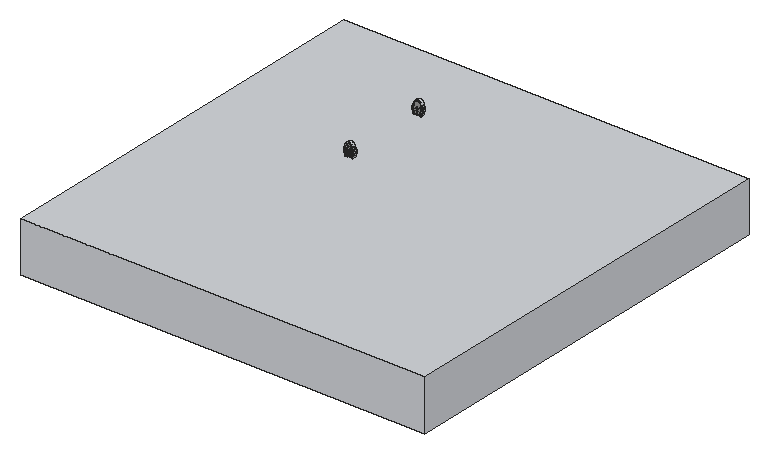
Revit family "Trade II Easy Lock", category Обобщенные модели, Revit 2017
Family settings
  Основа = Грань
  Может служить основой для арматурных стержней = Нет
  Размер круглого соединителя = Использовать диаметр
  Тип детали = Нормальный
  При загрузке вырезать с полостями = Нет
  Общий = Нет
  Точка расчета площади = Нет
Parameters
  Расстояние от светильника до плоскости = Расстояние до плоскости + 72 mm  # 422 mm
  Расстояние до плоскости = 350 mm
  Default Elevation = 1219.2 mm
  Начало профиля = 250 mm
  Начало выделения = Начало профиля  # 250 mm
  Конец профиля = Начало профиля  # 250 mm
  Конец выделения = Конец профиля  # 250 mm
  Длина профиля = Начало профиля * 2  # 500 mm
Reference planes
  plane 1 "По центру (Вперед/Назад)": y = 0
  plane 2: z = 0
  plane 3 "По центру (Влево/Вправо)": x = 0
  plane 4 "Плоскость низа светильника": z = 350
  plane 5 "Начало выд": y = -250
  plane 6 "Конец выд": y = 250
Forms (mm)
  Extrusion 1, solid
    sketch origin (0, 0, 0) x (1, 0, 0) y (0, 1, 0)
      loop
        line (-1219.2, 1219.2) -> (-1219.2, -1219.2) -> (1219.2, -1219.2) -> (1219.2, 1219.2) -> (-1219.2, 1219.2)
    from 0 to -304.8
  Extrusion 2, solid, material "Каучук, черный"
    sketch origin (0, 250, 0) x (0, 0, -1) y (1, 0, 0)
      loop
        line (-372.479, 21.269) -> (-377.454, 21.269)
        arc (-377.454, 21.269) -> (-378.602, 21.041) -> (-379.576, 20.39) r 3
        line (-379.576, 20.39) -> (-385.35, 14.616)
        arc (-385.35, 14.616) -> (-386.001, 13.642) -> (-386.229, 12.494) r 3
        line (-386.229, 12.494) -> (-386.229, 6.574)
        arc (-386.229, 6.574) -> (-385.204, 4.099) -> (-382.729, 3.074) r 3.5
        line (-382.729, 3.074) -> (-372.479, 3.074) -> (-362.229, 3.074)
        arc (-362.229, 3.074) -> (-359.754, 4.099) -> (-358.729, 6.574) r 3.5
        line (-358.729, 6.574) -> (-358.729, 12.494)
        arc (-358.729, 12.494) -> (-358.957, 13.642) -> (-359.608, 14.616) r 3
        line (-359.608, 14.616) -> (-365.382, 20.39)
        arc (-365.382, 20.39) -> (-366.356, 21.041) -> (-367.504, 21.269) r 3
        line (-367.504, 21.269) -> (-372.479, 21.269)
      loop
        line (-380.435, 13.071) -> (-380.435, 6.514) -> (-377.559, 6.514) -> (-377.559, 13.071) -> (-380.435, 13.071)
      loop
        line (-364.523, 13.071) -> (-367.399, 13.071) -> (-367.399, 6.514) -> (-364.523, 6.514) -> (-364.523, 13.071)
      loop
        line (-371.041, 18.399) -> (-373.917, 18.399) -> (-373.917, 11.843) -> (-371.041, 11.843) -> (-371.041, 18.399)
      loop
        line (-372.479, -21.292) -> (-367.504, -21.292)
        arc (-367.504, -21.292) -> (-366.356, -21.064) -> (-365.382, -20.414) r 3
        line (-365.382, -20.414) -> (-359.608, -14.639)
        arc (-359.608, -14.639) -> (-358.957, -13.666) -> (-358.729, -12.518) r 3
        line (-358.729, -12.518) -> (-358.729, -6.597)
        arc (-358.729, -6.597) -> (-359.754, -4.123) -> (-362.229, -3.097) r 3.5
        line (-362.229, -3.097) -> (-372.479, -3.097) -> (-382.729, -3.097)
        arc (-382.729, -3.097) -> (-385.204, -4.123) -> (-386.229, -6.597) r 3.5
        line (-386.229, -6.597) -> (-386.229, -12.518)
        arc (-386.229, -12.518) -> (-386.001, -13.666) -> (-385.35, -14.639) r 3
        line (-385.35, -14.639) -> (-379.576, -20.414)
        arc (-379.576, -20.414) -> (-378.602, -21.064) -> (-377.454, -21.292) r 3
        line (-377.454, -21.292) -> (-372.479, -21.292)
      loop
        line (-380.435, -13.094) -> (-377.559, -13.094) -> (-377.559, -6.537) -> (-380.435, -6.537) -> (-380.435, -13.094)
      loop
        line (-364.523, -13.094) -> (-364.523, -6.537) -> (-367.399, -6.537) -> (-367.399, -13.094) -> (-364.523, -13.094)
      loop
        line (-371.041, -18.423) -> (-371.041, -11.866) -> (-373.917, -11.866) -> (-373.917, -18.423) -> (-371.041, -18.423)
    from -1 to -15
  Extrusion 3, solid, material "Поликарбонат, прозрачный"
    sketch origin (0, 250, 0) x (0, 0, -1) y (1, 0, 0)
      loop
        arc (-398.752, 21.086) -> (-413.465, 14.795) -> (-419.533, -0.012) r 21.1
        arc (-419.533, -0.012) -> (-413.465, -14.818) -> (-398.752, -21.109) r 21.1
        arc (-398.752, -21.109) -> (-395.801, -23.179) -> (-392.204, -23.41) r 6.666
        arc (-392.204, -23.41) -> (-387.349, -22.848) -> (-383.631, -26.02) r 6.12
        line (-383.631, -26.02) -> (-382.1, -29.159)
        arc (-382.1, -29.159) -> (-381.536, -29.747) -> (-380.75, -29.964) r 1.536
        line (-380.75, -29.964) -> (-372.479, -29.964) -> (-364.208, -29.964)
        arc (-364.208, -29.964) -> (-363.423, -29.748) -> (-362.859, -29.161) r 1.536
        line (-362.859, -29.161) -> (-361.333, -26.017)
        arc (-361.333, -26.017) -> (-357.413, -22.783) -> (-352.402, -23.624) r 6.12
        arc (-352.402, -23.624) -> (-349.184, -24.431) -> (-346.185, -23.012) r 4.919
        arc (-346.185, -23.012) -> (-345.496, -23.055) -> (-344.832, -22.871) r 2.071
        arc (-344.832, -22.871) -> (-344.246, -22.355) -> (-344.028, -21.606) r 1.397
        line (-344.028, -21.606) -> (-344.028, -5.649) -> (-350, -5.649) -> (-350, -0.012) -> (-350, 5.625) -> (-344.028, 5.625) -> (-344.028, 21.583)
        arc (-344.028, 21.583) -> (-344.246, 22.332) -> (-344.832, 22.848) r 1.397
        arc (-344.832, 22.848) -> (-345.496, 23.032) -> (-346.185, 22.988) r 2.071
        arc (-346.185, 22.988) -> (-349.184, 24.408) -> (-352.402, 23.601) r 4.919
        arc (-352.402, 23.601) -> (-357.413, 22.759) -> (-361.333, 25.993) r 6.12
        line (-361.333, 25.993) -> (-362.859, 29.137)
        arc (-362.859, 29.137) -> (-363.423, 29.725) -> (-364.208, 29.94) r 1.536
        line (-364.208, 29.94) -> (-372.479, 29.94) -> (-380.75, 29.94)
        arc (-380.75, 29.94) -> (-381.536, 29.724) -> (-382.1, 29.136) r 1.536
        line (-382.1, 29.136) -> (-383.631, 25.997)
        arc (-383.631, 25.997) -> (-387.349, 22.825) -> (-392.204, 23.386) r 6.12
        arc (-392.204, 23.386) -> (-395.801, 23.156) -> (-398.752, 21.086) r 6.666
    from 0 to -1
  Extrusion 4, solid, material "Поликарбонат, прозрачный"
    sketch origin (0, -250, 0) x (0, 0, -1) y (1, 0, 0)
      loop
        line (-344.028, 5.632) -> (-344.028, 21.59)
        arc (-344.028, 21.59) -> (-344.246, 22.339) -> (-344.832, 22.854) r 1.397
        arc (-344.832, 22.854) -> (-345.496, 23.039) -> (-346.185, 22.995) r 2.071
        arc (-346.185, 22.995) -> (-349.184, 24.415) -> (-352.402, 23.607) r 4.919
        arc (-352.402, 23.607) -> (-357.413, 22.766) -> (-361.333, 26) r 6.12
        line (-361.333, 26) -> (-362.859, 29.144)
        arc (-362.859, 29.144) -> (-363.423, 29.731) -> (-364.208, 29.947) r 1.536
        line (-364.208, 29.947) -> (-372.479, 29.947) -> (-380.75, 29.947)
        arc (-380.75, 29.947) -> (-381.536, 29.731) -> (-382.1, 29.143) r 1.536
        line (-382.1, 29.143) -> (-383.631, 26.003)
        arc (-383.631, 26.003) -> (-387.349, 22.832) -> (-392.204, 23.393) r 6.12
        arc (-392.204, 23.393) -> (-395.801, 23.163) -> (-398.752, 21.093) r 6.666
        arc (-398.752, 21.093) -> (-413.465, 14.802) -> (-419.533, -0.005) r 21.1
        arc (-419.533, -0.005) -> (-413.465, -14.811) -> (-398.752, -21.102) r 21.1
        arc (-398.752, -21.102) -> (-395.801, -23.172) -> (-392.204, -23.403) r 6.666
        arc (-392.204, -23.403) -> (-387.349, -22.841) -> (-383.631, -26.013) r 6.12
        line (-383.631, -26.013) -> (-382.1, -29.153)
        arc (-382.1, -29.153) -> (-381.536, -29.741) -> (-380.75, -29.957) r 1.536
        line (-380.75, -29.957) -> (-372.479, -29.957) -> (-364.208, -29.957)
        arc (-364.208, -29.957) -> (-363.423, -29.741) -> (-362.859, -29.154) r 1.536
        line (-362.859, -29.154) -> (-361.333, -26.01)
        arc (-361.333, -26.01) -> (-357.413, -22.776) -> (-352.402, -23.617) r 6.12
        arc (-352.402, -23.617) -> (-349.184, -24.424) -> (-346.185, -23.005) r 4.919
        arc (-346.185, -23.005) -> (-345.496, -23.049) -> (-344.832, -22.864) r 2.071
        arc (-344.832, -22.864) -> (-344.246, -22.348) -> (-344.028, -21.599) r 1.397
        line (-344.028, -21.599) -> (-344.028, -5.642) -> (-348, -5.642) -> (-350, -5.649) -> (-350, 5.625) -> (-348, 5.625) -> (-344.028, 5.632)
    from 0 to 1
  Extrusion 5, solid, material "Каучук, черный"
    sketch origin (0, -250, 0) x (0, 0, -1) y (1, 0, 0)
      loop
        line (-372.479, -21.292) -> (-367.504, -21.292)
        arc (-367.504, -21.292) -> (-366.356, -21.064) -> (-365.382, -20.414) r 3
        line (-365.382, -20.414) -> (-359.608, -14.639)
        arc (-359.608, -14.639) -> (-358.957, -13.666) -> (-358.729, -12.518) r 3
        line (-358.729, -12.518) -> (-358.729, -6.597)
        arc (-358.729, -6.597) -> (-359.754, -4.123) -> (-362.229, -3.097) r 3.5
        line (-362.229, -3.097) -> (-372.479, -3.097) -> (-382.729, -3.097)
        arc (-382.729, -3.097) -> (-385.204, -4.123) -> (-386.229, -6.597) r 3.5
        line (-386.229, -6.597) -> (-386.229, -12.518)
        arc (-386.229, -12.518) -> (-386.001, -13.666) -> (-385.35, -14.639) r 3
        line (-385.35, -14.639) -> (-379.576, -20.414)
        arc (-379.576, -20.414) -> (-378.602, -21.064) -> (-377.454, -21.292) r 3
        line (-377.454, -21.292) -> (-372.479, -21.292)
      loop
        arc (-384.029, -12.426) -> (-383.951, -12.817) -> (-383.73, -13.148) r 1.021
        line (-383.73, -13.148) -> (-378.126, -18.752)
        arc (-378.126, -18.752) -> (-377.749, -19.004) -> (-377.304, -19.092) r 1.162
        line (-377.304, -19.092) -> (-372.479, -19.092) -> (-367.654, -19.092)
        arc (-367.654, -19.092) -> (-367.209, -19.004) -> (-366.832, -18.752) r 1.162
        line (-366.832, -18.752) -> (-361.228, -13.148)
        arc (-361.228, -13.148) -> (-361.007, -12.817) -> (-360.929, -12.426) r 1.021
        line (-360.929, -12.426) -> (-360.929, -6.597)
        arc (-360.929, -6.597) -> (-361.31, -5.678) -> (-362.229, -5.297) r 1.3
        line (-362.229, -5.297) -> (-372.479, -5.297) -> (-382.729, -5.297)
        arc (-382.729, -5.297) -> (-383.648, -5.678) -> (-384.029, -6.597) r 1.3
        line (-384.029, -6.597) -> (-384.029, -12.426)
      loop
        line (-372.479, 21.269) -> (-377.454, 21.269)
        arc (-377.454, 21.269) -> (-378.602, 21.041) -> (-379.576, 20.39) r 3
        line (-379.576, 20.39) -> (-385.35, 14.616)
        arc (-385.35, 14.616) -> (-386.001, 13.642) -> (-386.229, 12.494) r 3
        line (-386.229, 12.494) -> (-386.229, 6.574)
        arc (-386.229, 6.574) -> (-385.204, 4.099) -> (-382.729, 3.074) r 3.5
        line (-382.729, 3.074) -> (-372.479, 3.074) -> (-362.229, 3.074)
        arc (-362.229, 3.074) -> (-359.754, 4.099) -> (-358.729, 6.574) r 3.5
        line (-358.729, 6.574) -> (-358.729, 12.494)
        arc (-358.729, 12.494) -> (-358.957, 13.642) -> (-359.608, 14.616) r 3
        line (-359.608, 14.616) -> (-365.382, 20.39)
        arc (-365.382, 20.39) -> (-366.356, 21.041) -> (-367.504, 21.269) r 3
        line (-367.504, 21.269) -> (-372.479, 21.269)
      loop
        line (-384.029, 12.403) -> (-384.029, 6.574)
        arc (-384.029, 6.574) -> (-383.648, 5.655) -> (-382.729, 5.274) r 1.3
        line (-382.729, 5.274) -> (-372.479, 5.274) -> (-362.229, 5.274)
        arc (-362.229, 5.274) -> (-361.31, 5.655) -> (-360.929, 6.574) r 1.3
        line (-360.929, 6.574) -> (-360.929, 12.403)
        arc (-360.929, 12.403) -> (-361.007, 12.794) -> (-361.228, 13.125) r 1.021
        line (-361.228, 13.125) -> (-366.832, 18.729)
        arc (-366.832, 18.729) -> (-367.209, 18.981) -> (-367.654, 19.069) r 1.162
        line (-367.654, 19.069) -> (-372.479, 19.069) -> (-377.304, 19.069)
        arc (-377.304, 19.069) -> (-377.749, 18.981) -> (-378.126, 18.729) r 1.162
        line (-378.126, 18.729) -> (-383.73, 13.125)
        arc (-383.73, 13.125) -> (-383.951, 12.794) -> (-384.029, 12.403) r 1.021
    from 1 to 15
  Extrusion 6, solid, material "Алюминий"
    sketch origin (0, -250, 0) x (0, 0, -1) y (1, 0, 0)
      loop
        line (-371.841, -17.623) -> (-371.841, -12.666) -> (-373.117, -12.666) -> (-373.117, -17.623) -> (-371.841, -17.623)
      loop
        line (-366.599, -12.294) -> (-365.323, -12.294) -> (-365.323, -7.337) -> (-366.599, -7.337) -> (-366.599, -12.294)
      loop
        line (-378.359, -7.337) -> (-379.635, -7.337) -> (-379.635, -12.294) -> (-378.359, -12.294) -> (-378.359, -7.337)
      loop
        line (-371.841, 17.599) -> (-373.117, 17.599) -> (-373.117, 12.643) -> (-371.841, 12.643) -> (-371.841, 17.599)
      loop
        line (-366.599, 12.271) -> (-366.599, 7.314) -> (-365.323, 7.314) -> (-365.323, 12.271) -> (-366.599, 12.271)
      loop
        line (-378.359, 7.314) -> (-378.359, 12.271) -> (-379.635, 12.271) -> (-379.635, 7.314) -> (-378.359, 7.314)
    from 1 to 15
  Extrusion 7, solid
    sketch origin (0, -250, 0) x (0, 0, -1) y (1, 0, 0)
      loop
        arc (-419.533, -0.005) -> (-413.465, -14.811) -> (-398.752, -21.102) r 21.1
        arc (-398.752, -21.102) -> (-395.801, -23.172) -> (-392.204, -23.403) r 6.666
        arc (-392.204, -23.403) -> (-387.349, -22.841) -> (-383.631, -26.013) r 6.12
        line (-383.631, -26.013) -> (-382.1, -29.153)
        arc (-382.1, -29.153) -> (-381.536, -29.741) -> (-380.75, -29.957) r 1.536
        line (-380.75, -29.957) -> (-372.479, -29.957) -> (-364.208, -29.957)
        arc (-364.208, -29.957) -> (-363.423, -29.741) -> (-362.859, -29.154) r 1.536
        line (-362.859, -29.154) -> (-361.333, -26.01)
        arc (-361.333, -26.01) -> (-357.413, -22.776) -> (-352.402, -23.617) r 6.12
        arc (-352.402, -23.617) -> (-349.184, -24.424) -> (-346.185, -23.005) r 4.919
        arc (-346.185, -23.005) -> (-345.496, -23.049) -> (-344.832, -22.864) r 2.071
        arc (-344.832, -22.864) -> (-344.246, -22.348) -> (-344.028, -21.599) r 1.397
        line (-344.028, -21.599) -> (-344.028, -5.642) -> (-348, -5.642) -> (-350, -5.649) -> (-350, -0.012) -> (-350, 5.639) -> (-348, 5.639) -> (-344.028, 5.632) -> (-344.028, 21.59)
        arc (-344.028, 21.59) -> (-344.246, 22.339) -> (-344.832, 22.854) r 1.397
        arc (-344.832, 22.854) -> (-345.496, 23.039) -> (-346.185, 22.995) r 2.071
        arc (-346.185, 22.995) -> (-349.184, 24.415) -> (-352.402, 23.607) r 4.919
        arc (-352.402, 23.607) -> (-357.413, 22.766) -> (-361.333, 26) r 6.12
        line (-361.333, 26) -> (-362.859, 29.144)
        arc (-362.859, 29.144) -> (-363.423, 29.731) -> (-364.208, 29.947) r 1.536
        line (-364.208, 29.947) -> (-372.479, 29.947) -> (-380.75, 29.947)
        arc (-380.75, 29.947) -> (-381.536, 29.731) -> (-382.1, 29.143) r 1.536
        line (-382.1, 29.143) -> (-383.631, 26.003)
        arc (-383.631, 26.003) -> (-387.349, 22.832) -> (-392.204, 23.393) r 6.12
        arc (-392.204, 23.393) -> (-395.801, 23.163) -> (-398.752, 21.093) r 6.666
        arc (-398.752, 21.093) -> (-413.465, 14.802) -> (-419.533, -0.005) r 21.1
      loop
        arc (-421.533, -0.005) -> (-415.194, -15.9) -> (-399.657, -23.072) r 23.1
        arc (-399.657, -23.072) -> (-395.831, -25.254) -> (-391.427, -25.274) r 8.666
        arc (-391.427, -25.274) -> (-388.06, -24.718) -> (-385.429, -26.89) r 4.12
        line (-385.429, -26.89) -> (-383.883, -30.06)
        arc (-383.883, -30.06) -> (-382.581, -31.446) -> (-380.75, -31.957) r 3.536
        line (-380.75, -31.957) -> (-372.479, -31.957) -> (-364.208, -31.957)
        arc (-364.208, -31.957) -> (-362.377, -31.446) -> (-361.075, -30.06) r 3.536
        line (-361.075, -30.06) -> (-359.534, -26.884)
        arc (-359.534, -26.884) -> (-356.893, -24.707) -> (-353.519, -25.276) r 4.12
        arc (-353.519, -25.276) -> (-349.474, -26.446) -> (-345.501, -25.054) r 6.919
        arc (-345.501, -25.054) -> (-344.724, -24.938) -> (-343.983, -24.675) r 4.071
        arc (-343.983, -24.675) -> (-342.558, -23.421) -> (-342.028, -21.599) r 3.397
        line (-342.028, -21.599) -> (-342.028, -3.642) -> (-348, -3.642) -> (-348, -0.012) -> (-348, 3.632) -> (-342.028, 3.632) -> (-342.028, 21.59)
        arc (-342.028, 21.59) -> (-342.558, 23.412) -> (-343.983, 24.665) r 3.397
        arc (-343.983, 24.665) -> (-344.724, 24.929) -> (-345.501, 25.045) r 4.071
        arc (-345.501, 25.045) -> (-349.474, 26.436) -> (-353.519, 25.267) r 6.919
        arc (-353.519, 25.267) -> (-356.893, 24.698) -> (-359.534, 26.875) r 4.12
        line (-359.534, 26.875) -> (-361.075, 30.05)
        arc (-361.075, 30.05) -> (-362.377, 31.436) -> (-364.208, 31.947) r 3.536
        line (-364.208, 31.947) -> (-372.479, 31.947) -> (-380.75, 31.947)
        arc (-380.75, 31.947) -> (-382.581, 31.436) -> (-383.883, 30.05) r 3.536
        line (-383.883, 30.05) -> (-385.429, 26.88)
        arc (-385.429, 26.88) -> (-388.06, 24.708) -> (-391.427, 25.265) r 4.12
        arc (-391.427, 25.265) -> (-395.831, 25.245) -> (-399.657, 23.063) r 8.666
        arc (-399.657, 23.063) -> (-415.194, 15.891) -> (-421.533, -0.005) r 23.1
    from 0 to 18
  Extrusion 8, solid
    sketch origin (0, 250, 0) x (0, 0, -1) y (1, 0, 0)
      loop
        arc (-419.526, -0.004) -> (-413.459, -14.811) -> (-398.746, -21.101) r 21.1
        arc (-398.746, -21.101) -> (-395.795, -23.171) -> (-392.197, -23.402) r 6.666
        arc (-392.197, -23.402) -> (-387.343, -22.84) -> (-383.625, -26.012) r 6.12
        line (-383.625, -26.012) -> (-382.093, -29.152)
        arc (-382.093, -29.152) -> (-381.529, -29.74) -> (-380.743, -29.956) r 1.536
        line (-380.743, -29.956) -> (-372.472, -29.956) -> (-364.202, -29.956)
        arc (-364.202, -29.956) -> (-363.416, -29.74) -> (-362.852, -29.153) r 1.536
        line (-362.852, -29.153) -> (-361.326, -26.009)
        arc (-361.326, -26.009) -> (-357.406, -22.775) -> (-352.395, -23.616) r 6.12
        arc (-352.395, -23.616) -> (-349.177, -24.424) -> (-346.178, -23.004) r 4.919
        arc (-346.178, -23.004) -> (-345.49, -23.048) -> (-344.825, -22.863) r 2.071
        arc (-344.825, -22.863) -> (-344.239, -22.348) -> (-344.021, -21.598) r 1.397
        line (-344.021, -21.598) -> (-344.021, -5.641) -> (-347.993, -5.641) -> (-349.993, -5.648) -> (-349.993, -0.011) -> (-349.993, 5.64) -> (-347.993, 5.64) -> (-344.021, 5.633) -> (-344.021, 21.59)
        arc (-344.021, 21.59) -> (-344.239, 22.34) -> (-344.825, 22.855) r 1.397
        arc (-344.825, 22.855) -> (-345.49, 23.04) -> (-346.178, 22.996) r 2.071
        arc (-346.178, 22.996) -> (-349.177, 24.416) -> (-352.395, 23.608) r 4.919
        arc (-352.395, 23.608) -> (-357.406, 22.767) -> (-361.326, 26.001) r 6.12
        line (-361.326, 26.001) -> (-362.852, 29.145)
        arc (-362.852, 29.145) -> (-363.416, 29.732) -> (-364.202, 29.948) r 1.536
        line (-364.202, 29.948) -> (-372.472, 29.948) -> (-380.743, 29.948)
        arc (-380.743, 29.948) -> (-381.529, 29.732) -> (-382.093, 29.144) r 1.536
        line (-382.093, 29.144) -> (-383.625, 26.004)
        arc (-383.625, 26.004) -> (-387.343, 22.833) -> (-392.197, 23.394) r 6.12
        arc (-392.197, 23.394) -> (-395.795, 23.163) -> (-398.746, 21.094) r 6.666
        arc (-398.746, 21.094) -> (-413.459, 14.803) -> (-419.526, -0.004) r 21.1
      loop
        arc (-421.526, -0.004) -> (-415.188, -15.899) -> (-399.65, -23.071) r 23.1
        arc (-399.65, -23.071) -> (-395.824, -25.254) -> (-391.42, -25.273) r 8.666
        arc (-391.42, -25.273) -> (-388.054, -24.717) -> (-385.422, -26.889) r 4.12
        line (-385.422, -26.889) -> (-383.876, -30.059)
        arc (-383.876, -30.059) -> (-382.575, -31.445) -> (-380.743, -31.956) r 3.536
        line (-380.743, -31.956) -> (-372.472, -31.956) -> (-364.202, -31.956)
        arc (-364.202, -31.956) -> (-362.37, -31.445) -> (-361.068, -30.059) r 3.536
        line (-361.068, -30.059) -> (-359.527, -26.883)
        arc (-359.527, -26.883) -> (-356.887, -24.706) -> (-353.512, -25.275) r 4.12
        arc (-353.512, -25.275) -> (-349.468, -26.445) -> (-345.494, -25.053) r 6.919
        arc (-345.494, -25.053) -> (-344.717, -24.937) -> (-343.976, -24.674) r 4.071
        arc (-343.976, -24.674) -> (-342.551, -23.421) -> (-342.021, -21.598) r 3.397
        line (-342.021, -21.598) -> (-342.021, -3.641) -> (-347.993, -3.641) -> (-347.993, -0.011) -> (-347.993, 3.633) -> (-342.021, 3.633) -> (-342.021, 21.59)
        arc (-342.021, 21.59) -> (-342.551, 23.413) -> (-343.976, 24.666) r 3.397
        arc (-343.976, 24.666) -> (-344.717, 24.93) -> (-345.494, 25.046) r 4.071
        arc (-345.494, 25.046) -> (-349.468, 26.437) -> (-353.512, 25.267) r 6.919
        arc (-353.512, 25.267) -> (-356.887, 24.698) -> (-359.527, 26.875) r 4.12
        line (-359.527, 26.875) -> (-361.068, 30.051)
        arc (-361.068, 30.051) -> (-362.37, 31.437) -> (-364.202, 31.948) r 3.536
        line (-364.202, 31.948) -> (-372.472, 31.948) -> (-380.743, 31.948)
        arc (-380.743, 31.948) -> (-382.575, 31.437) -> (-383.876, 30.051) r 3.536
        line (-383.876, 30.051) -> (-385.422, 26.881)
        arc (-385.422, 26.881) -> (-388.054, 24.709) -> (-391.42, 25.265) r 4.12
        arc (-391.42, 25.265) -> (-395.824, 25.246) -> (-399.65, 23.064) r 8.666
        arc (-399.65, 23.064) -> (-415.188, 15.892) -> (-421.526, -0.004) r 23.1
    from 0 to -18
Dimensions and locks
  "Расстояние до плоскости": plane 4 "Плоскость низа светильника" to Extrusion 1
  "Начало выделения": plane 5 "Начало выд" to plane 1 "По центру (Вперед/Назад)"
  "Конец выделения": plane 1 "По центру (Вперед/Назад)" to plane 6 "Конец выд"
  aligned and locked: plane 2 to Extrusion 1
  aligned and locked: level to Extrusion 1
Automatic sketch dimensions
  Extrusion 1 sketch curve to Extrusion 1 sketch curve = 2438.4 mm  (x2)
  Extrusion 3 sketch curve to Extrusion 3 sketch curve = 0 mm  (x2)
  Extrusion 3 sketch curve to plane 4 "Плоскость низа светильника" = 0 mm
  plane 4 "Плоскость низа светильника" to Extrusion 3 sketch curve = 5.829 mm  (x2)
  Extrusion 3 sketch curve to Extrusion 3 sketch curve = 5.503 mm  (x2)
  Extrusion 3 sketch curve to Extrusion 3 sketch curve = 1.526 mm  (x2)
  Extrusion 3 sketch curve to Extrusion 3 sketch curve = 1.35 mm  (x4)
  Extrusion 3 sketch curve to Extrusion 3 sketch curve = 8.271 mm  (x4)
  Extrusion 3 sketch curve to Extrusion 3 sketch curve = 1.531 mm  (x2)
  Extrusion 3 sketch curve to Extrusion 3 sketch curve = 5.501 mm  (x2)
  Extrusion 3 sketch curve to Extrusion 3 sketch curve = 4.46 mm  (x2)
  Extrusion 3 sketch curve to plane 3 "По центру (Влево/Вправо)" = 0.012 mm  (x2)
  Extrusion 3 sketch curve to Extrusion 3 sketch curve = 4.841 mm
  Extrusion 3 sketch curve to plane 4 "Плоскость низа светильника" = 0.334 mm  (x2)
  Extrusion 3 sketch curve to Extrusion 3 sketch curve = 3.955 mm  (x2)
  Extrusion 3 sketch curve to Extrusion 3 sketch curve = 0.286 mm  (x2)
  Extrusion 3 sketch curve to Extrusion 3 sketch curve = 1.397 mm
  Extrusion 3 sketch curve to plane 4 "Плоскость низа светильника" = 5.972 mm
  Extrusion 3 sketch curve to plane 3 "По центру (Влево/Вправо)" = 5.649 mm
  Extrusion 3 sketch curve to plane 3 "По центру (Влево/Вправо)" = 16.89 mm
  Extrusion 3 sketch curve to Extrusion 3 sketch curve = 13.888 mm  (x2)
  Extrusion 3 sketch curve to Extrusion 3 sketch curve = 1.459 mm  (x2)
  Extrusion 3 sketch curve to Extrusion 3 sketch curve = 0.611 mm  (x2)
  Extrusion 3 sketch curve to Extrusion 3 sketch curve = 6.48 mm  (x2)
  Extrusion 3 sketch curve to Extrusion 3 sketch curve = 9.13 mm  (x2)
  Extrusion 3 sketch curve to Extrusion 3 sketch curve = 2.408 mm  (x2)
  Extrusion 3 sketch curve to Extrusion 3 sketch curve = 2.412 mm  (x2)
  Extrusion 3 sketch curve to Extrusion 3 sketch curve = 2.678 mm  (x2)
  Extrusion 3 sketch curve to Extrusion 3 sketch curve = 2.683 mm  (x2)
  Extrusion 3 sketch curve to Extrusion 3 sketch curve = 0.731 mm  (x2)
  plane 3 "По центру (Влево/Вправо)" to Extrusion 3 sketch curve = 5.625 mm
  plane 3 "По центру (Влево/Вправо)" to Extrusion 3 sketch curve = 16.867 mm
  plane 4 "Плоскость низа светильника" to Extrusion 3 sketch curve = 2.402 mm  (x2)
  Extrusion 3 sketch curve to Extrusion 3 sketch curve = 3.072 mm  (x2)
  Extrusion 3 sketch curve to Extrusion 3 sketch curve = 5.16 mm
  Extrusion 3 sketch curve to Extrusion 3 sketch curve = 1.353 mm  (x2)
  plane 4 "Плоскость низа светильника" to Extrusion 2 sketch curve = 36.229 mm
  Extrusion 2 sketch curve to Extrusion 2 sketch curve = 0 mm  (x2)
  plane 3 "По центру (Влево/Вправо)" to Extrusion 2 sketch curve = 14.616 mm
  Extrusion 2 sketch curve to Extrusion 2 sketch curve = 0.879 mm  (x2)
  Extrusion 2 sketch curve to plane 3 "По центру (Влево/Вправо)" = 14.639 mm
  Extrusion 2 sketch curve to Extrusion 2 sketch curve = 3 mm
  Extrusion 2 sketch curve to Extrusion 2 sketch curve = 2.121 mm  (x9)
  Extrusion 2 sketch curve to Extrusion 2 sketch curve = 3.5 mm  (x4)
  Extrusion 2 sketch curve to Extrusion 2 sketch curve = 2.295 mm  (x4)
  Extrusion 2 sketch curve to Extrusion 2 sketch curve = 0.859 mm  (x2)
  Extrusion 2 sketch curve to Extrusion 2 sketch curve = 2.876 mm  (x6)
  Extrusion 2 sketch curve to Extrusion 2 sketch curve = 3.642 mm  (x2)
  Extrusion 2 sketch curve to Extrusion 2 sketch curve = 3.538 mm  (x3)
  Extrusion 2 sketch curve to Extrusion 2 sketch curve = 1.438 mm  (x2)
  plane 3 "По центру (Влево/Вправо)" to Extrusion 2 sketch curve = 3.074 mm
  Extrusion 2 sketch curve to Extrusion 2 sketch curve = 5.08 mm  (x3)
  Extrusion 2 sketch curve to plane 3 "По центру (Влево/Вправо)" = 3.097 mm
  Extrusion 2 sketch curve to Extrusion 2 sketch curve = 2.795 mm  (x2)
  Extrusion 2 sketch curve to Extrusion 2 sketch curve = 5.775 mm
  Extrusion 2 sketch curve to Extrusion 2 sketch curve = 0.13 mm  (x2)
  Extrusion 2 sketch curve to Extrusion 2 sketch curve = 8.042 mm
  Extrusion 2 sketch curve to Extrusion 2 sketch curve = 5.199 mm  (x4)
  Extrusion 2 sketch curve to Extrusion 2 sketch curve = 1.228 mm  (x2)
  Extrusion 2 sketch curve to Extrusion 2 sketch curve = 0.06 mm  (x4)
  Extrusion 2 sketch curve to Extrusion 2 sketch curve = 5.329 mm
  Extrusion 2 sketch curve to Extrusion 2 sketch curve = 5.92 mm
  Extrusion 2 sketch curve to Extrusion 2 sketch curve = 0.576 mm
  Extrusion 4 sketch curve to Extrusion 4 sketch curve = 0 mm  (x4)
  Extrusion 4 sketch curve to plane 4 "Плоскость низа светильника" = 0 mm
  plane 4 "Плоскость низа светильника" to Extrusion 4 sketch curve = 5.829 mm  (x2)
  Extrusion 4 sketch curve to Extrusion 4 sketch curve = 5.503 mm  (x2)
  Extrusion 4 sketch curve to Extrusion 4 sketch curve = 1.526 mm  (x2)
  Extrusion 4 sketch curve to Extrusion 4 sketch curve = 1.35 mm  (x4)
  Extrusion 4 sketch curve to Extrusion 4 sketch curve = 8.271 mm  (x4)
  Extrusion 4 sketch curve to Extrusion 4 sketch curve = 1.531 mm  (x2)
  Extrusion 4 sketch curve to Extrusion 4 sketch curve = 5.501 mm  (x2)
  Extrusion 4 sketch curve to Extrusion 4 sketch curve = 4.46 mm  (x2)
  Extrusion 4 sketch curve to plane 3 "По центру (Влево/Вправо)" = 0.005 mm
  Extrusion 4 sketch curve to Extrusion 4 sketch curve = 4.841 mm
  Extrusion 4 sketch curve to plane 4 "Плоскость низа светильника" = 0.334 mm  (x2)
  Extrusion 4 sketch curve to Extrusion 4 sketch curve = 3.955 mm  (x2)
  Extrusion 4 sketch curve to Extrusion 4 sketch curve = 0.286 mm  (x2)
  Extrusion 4 sketch curve to plane 4 "Плоскость низа светильника" = 5.972 mm  (x2)
  Extrusion 4 sketch curve to plane 3 "По центру (Влево/Вправо)" = 5.642 mm
  Extrusion 4 sketch curve to Extrusion 4 sketch curve = 0.007 mm  (x2)
  Extrusion 4 sketch curve to plane 3 "По центру (Влево/Вправо)" = 16.883 mm
  Extrusion 4 sketch curve to Extrusion 4 sketch curve = 13.881 mm
  Extrusion 4 sketch curve to Extrusion 4 sketch curve = 1.459 mm  (x2)
  Extrusion 4 sketch curve to Extrusion 4 sketch curve = 0.611 mm  (x2)
  Extrusion 4 sketch curve to Extrusion 4 sketch curve = 6.48 mm  (x2)
  Extrusion 4 sketch curve to Extrusion 4 sketch curve = 9.13 mm  (x2)
  Extrusion 4 sketch curve to Extrusion 4 sketch curve = 2.408 mm  (x2)
  Extrusion 4 sketch curve to Extrusion 4 sketch curve = 2.412 mm  (x2)
  Extrusion 4 sketch curve to Extrusion 4 sketch curve = 2.678 mm  (x2)
  Extrusion 4 sketch curve to Extrusion 4 sketch curve = 2.683 mm  (x2)
  Extrusion 4 sketch curve to Extrusion 4 sketch curve = 0.731 mm  (x2)
  plane 3 "По центру (Влево/Вправо)" to Extrusion 4 sketch curve = 5.625 mm
  plane 3 "По центру (Влево/Вправо)" to Extrusion 4 sketch curve = 16.874 mm
  Extrusion 4 sketch curve to Extrusion 4 sketch curve = 13.895 mm
  plane 4 "Плоскость низа светильника" to Extrusion 4 sketch curve = 2.402 mm  (x2)
  Extrusion 4 sketch curve to Extrusion 4 sketch curve = 3.072 mm  (x2)
  Extrusion 4 sketch curve to Extrusion 4 sketch curve = 5.16 mm
  Extrusion 4 sketch curve to plane 4 "Плоскость низа светильника" = 2 mm  (x2)
  Extrusion 4 sketch curve to Extrusion 4 sketch curve = 1.353 mm  (x2)
  Extrusion 6 sketch curve to plane 3 "По центру (Влево/Вправо)" = 12.294 mm
  plane 4 "Плоскость низа светильника" to Extrusion 6 sketch curve = 29.635 mm
  plane 3 "По центру (Влево/Вправо)" to Extrusion 6 sketch curve = 7.314 mm  (x2)
  Extrusion 6 sketch curve to Extrusion 6 sketch curve = 0 mm
  Extrusion 6 sketch curve to Extrusion 6 sketch curve = 1.276 mm  (x6)
  Extrusion 6 sketch curve to Extrusion 6 sketch curve = 5.242 mm  (x4)
  Extrusion 6 sketch curve to Extrusion 6 sketch curve = 0.372 mm  (x3)
  Extrusion 6 sketch curve to Extrusion 6 sketch curve = 4.957 mm  (x6)
  Extrusion 5 sketch curve to Extrusion 5 sketch curve = 0 mm  (x16)
  plane 3 "По центру (Влево/Вправо)" to Extrusion 5 sketch curve = 6.574 mm
  plane 4 "Плоскость низа светильника" to Extrusion 5 sketch curve = 36.229 mm
  Extrusion 5 sketch curve to plane 3 "По центру (Влево/Вправо)" = 14.639 mm
  Extrusion 5 sketch curve to Extrusion 5 sketch curve = 0.879 mm  (x2)
  plane 3 "По центру (Влево/Вправо)" to Extrusion 5 sketch curve = 14.616 mm
  Extrusion 5 sketch curve to Extrusion 5 sketch curve = 2.2 mm  (x2)
  plane 3 "По центру (Влево/Вправо)" to Extrusion 5 sketch curve = 13.125 mm
  Extrusion 5 sketch curve to Extrusion 5 sketch curve = 0.299 mm  (x3)
  Extrusion 5 sketch curve to plane 3 "По центру (Влево/Вправо)" = 13.148 mm
  Extrusion 5 sketch curve to Extrusion 5 sketch curve = 0.8 mm  (x2)
  Extrusion 5 sketch curve to Extrusion 5 sketch curve = 0.221 mm  (x4)
  Extrusion 5 sketch curve to Extrusion 5 sketch curve = 1.3 mm  (x3)
  Extrusion 5 sketch curve to Extrusion 5 sketch curve = 5.775 mm  (x2)
  Extrusion 5 sketch curve to Extrusion 5 sketch curve = 1.45 mm  (x4)
  Extrusion 5 sketch curve to Extrusion 5 sketch curve = 2.121 mm
  Extrusion 5 sketch curve to Extrusion 5 sketch curve = 0.672 mm  (x3)
  Extrusion 5 sketch curve to Extrusion 5 sketch curve = 0.15 mm  (x4)
  Extrusion 5 sketch curve to plane 3 "По центру (Влево/Вправо)" = 5.297 mm
  Extrusion 5 sketch curve to Extrusion 5 sketch curve = 10.25 mm  (x2)
  Extrusion 5 sketch curve to Extrusion 5 sketch curve = 4.825 mm  (x3)
  Extrusion 5 sketch curve to Extrusion 5 sketch curve = 4.975 mm
  Extrusion 5 sketch curve to Extrusion 5 sketch curve = 0.279 mm  (x2)
  Extrusion 5 sketch curve to Extrusion 5 sketch curve = 0.501 mm  (x2)
  Extrusion 5 sketch curve to Extrusion 5 sketch curve = 1.62 mm  (x2)
  Extrusion 5 sketch curve to Extrusion 5 sketch curve = 5.504 mm  (x3)
  Extrusion 5 sketch curve to Extrusion 5 sketch curve = 0.362 mm  (x4)
  Extrusion 5 sketch curve to Extrusion 5 sketch curve = 0.46 mm  (x2)
  Extrusion 5 sketch curve to Extrusion 5 sketch curve = 1.662 mm  (x2)
  Extrusion 5 sketch curve to Extrusion 5 sketch curve = 8.042 mm
  Extrusion 5 sketch curve to Extrusion 5 sketch curve = 0.63 mm
  Extrusion 5 sketch curve to Extrusion 5 sketch curve = 5.829 mm
  Extrusion 5 sketch curve to Extrusion 5 sketch curve = 0.091 mm
  Extrusion 7 sketch curve to Extrusion 7 sketch curve = 0 mm  (x48)
  Extrusion 7 sketch curve to plane 4 "Плоскость низа светильника" = 0 mm
  plane 4 "Плоскость низа светильника" to Extrusion 7 sketch curve = 5.829 mm  (x2)
  Extrusion 7 sketch curve to Extrusion 7 sketch curve = 3.705 mm  (x2)
  Extrusion 7 sketch curve to Extrusion 7 sketch curve = 1.541 mm  (x2)
  Extrusion 7 sketch curve to Extrusion 7 sketch curve = 1.799 mm  (x2)
  Extrusion 7 sketch curve to Extrusion 7 sketch curve = 1.783 mm  (x4)
  Extrusion 7 sketch curve to Extrusion 7 sketch curve = 1.35 mm  (x4)
  Extrusion 7 sketch curve to Extrusion 7 sketch curve = 8.271 mm  (x4)
  Extrusion 7 sketch curve to Extrusion 7 sketch curve = 1.531 mm  (x2)
  Extrusion 7 sketch curve to Extrusion 7 sketch curve = 1.798 mm  (x2)
  Extrusion 7 sketch curve to Extrusion 7 sketch curve = 3.703 mm  (x2)
  Extrusion 7 sketch curve to Extrusion 7 sketch curve = 4.46 mm  (x2)
  Extrusion 7 sketch curve to plane 3 "По центру (Влево/Вправо)" = 0.005 mm
  Extrusion 7 sketch curve to Extrusion 7 sketch curve = 4.841 mm
  Extrusion 7 sketch curve to plane 4 "Плоскость низа светильника" = 0.334 mm  (x2)
  Extrusion 7 sketch curve to plane 4 "Плоскость низа светильника" = 2 mm  (x2)
  Extrusion 7 sketch curve to Extrusion 7 sketch curve = 3.955 mm  (x2)
  Extrusion 7 sketch curve to Extrusion 7 sketch curve = 0.286 mm  (x2)
  Extrusion 7 sketch curve to Extrusion 7 sketch curve = 3.972 mm
  Extrusion 7 sketch curve to Extrusion 7 sketch curve = 1.397 mm
  Extrusion 7 sketch curve to Extrusion 7 sketch curve = 2 mm  (x5)
  Extrusion 7 sketch curve to plane 3 "По центру (Влево/Вправо)" = 0.012 mm  (x2)
  Extrusion 7 sketch curve to Extrusion 7 sketch curve = 3.63 mm
  Extrusion 7 sketch curve to Extrusion 7 sketch curve = 0.007 mm  (x2)
  Extrusion 7 sketch curve to plane 3 "По центру (Влево/Вправо)" = 16.883 mm
  Extrusion 7 sketch curve to Extrusion 7 sketch curve = 13.881 mm  (x2)
  Extrusion 7 sketch curve to Extrusion 7 sketch curve = 1.459 mm  (x2)
  Extrusion 7 sketch curve to Extrusion 7 sketch curve = 0.611 mm  (x2)
  Extrusion 7 sketch curve to Extrusion 7 sketch curve = 6.48 mm  (x2)
  Extrusion 7 sketch curve to Extrusion 7 sketch curve = 9.13 mm  (x2)
  Extrusion 7 sketch curve to Extrusion 7 sketch curve = 0.874 mm  (x2)
  Extrusion 7 sketch curve to Extrusion 7 sketch curve = 0.877 mm  (x2)
  Extrusion 7 sketch curve to Extrusion 7 sketch curve = 2.412 mm  (x2)
  Extrusion 7 sketch curve to Extrusion 7 sketch curve = 2.408 mm  (x2)
  Extrusion 7 sketch curve to Extrusion 7 sketch curve = 1.804 mm  (x2)
  Extrusion 7 sketch curve to Extrusion 7 sketch curve = 1.806 mm  (x2)
  Extrusion 7 sketch curve to Extrusion 7 sketch curve = 0.731 mm  (x2)
  Extrusion 7 sketch curve to Extrusion 7 sketch curve = 0.907 mm
  plane 3 "По центру (Влево/Вправо)" to Extrusion 7 sketch curve = 3.632 mm
  plane 3 "По центру (Влево/Вправо)" to Extrusion 7 sketch curve = 16.874 mm
  Extrusion 7 sketch curve to Extrusion 7 sketch curve = 0.906 mm
  plane 4 "Плоскость низа светильника" to Extrusion 7 sketch curve = 2.402 mm  (x2)
  Extrusion 7 sketch curve to Extrusion 7 sketch curve = 1.117 mm  (x2)
  Extrusion 7 sketch curve to Extrusion 7 sketch curve = 2.295 mm  (x2)
  Extrusion 7 sketch curve to Extrusion 7 sketch curve = 0.778 mm  (x2)
  Extrusion 7 sketch curve to Extrusion 7 sketch curve = 5.16 mm
  Extrusion 7 sketch curve to Extrusion 7 sketch curve = 0.905 mm
  Extrusion 7 sketch curve to Extrusion 7 sketch curve = 1.353 mm  (x2)
  Extrusion 7 sketch curve to Extrusion 7 sketch curve = 1.518 mm  (x2)
  Extrusion 8 sketch curve to Extrusion 8 sketch curve = 0 mm  (x49)
  Extrusion 8 sketch curve to plane 3 "По центру (Влево/Вправо)" = 0.004 mm
  plane 4 "Плоскость низа светильника" to Extrusion 8 sketch curve = 48.426 mm
  Extrusion 8 sketch curve to Extrusion 8 sketch curve = 4.841 mm  (x2)
  Extrusion 8 sketch curve to Extrusion 8 sketch curve = 4.46 mm  (x2)
  Extrusion 8 sketch curve to Extrusion 8 sketch curve = 3.703 mm  (x2)
  Extrusion 8 sketch curve to plane 3 "По центру (Влево/Вправо)" = 26.889 mm
  Extrusion 8 sketch curve to Extrusion 8 sketch curve = 1.546 mm  (x2)
  Extrusion 8 sketch curve to Extrusion 8 sketch curve = 1.798 mm  (x2)
  Extrusion 8 sketch curve to Extrusion 8 sketch curve = 1.783 mm  (x4)
  Extrusion 8 sketch curve to Extrusion 8 sketch curve = 1.35 mm  (x4)
  Extrusion 8 sketch curve to Extrusion 8 sketch curve = 8.271 mm  (x4)
  Extrusion 8 sketch curve to Extrusion 8 sketch curve = 1.526 mm  (x2)
  Extrusion 8 sketch curve to Extrusion 8 sketch curve = 1.799 mm  (x2)
  Extrusion 8 sketch curve to Extrusion 8 sketch curve = 3.705 mm  (x2)
  Extrusion 8 sketch curve to plane 4 "Плоскость низа светильника" = 0.007 mm
  Extrusion 8 sketch curve to plane 4 "Плоскость низа светильника" = 0.341 mm  (x2)
  Extrusion 8 sketch curve to plane 4 "Плоскость низа светильника" = 2.007 mm
  Extrusion 8 sketch curve to Extrusion 8 sketch curve = 3.955 mm  (x2)
  Extrusion 8 sketch curve to Extrusion 8 sketch curve = 0.286 mm  (x2)
  Extrusion 8 sketch curve to Extrusion 8 sketch curve = 3.972 mm
  Extrusion 8 sketch curve to Extrusion 8 sketch curve = 1.397 mm
  Extrusion 8 sketch curve to Extrusion 8 sketch curve = 2 mm  (x6)
  Extrusion 8 sketch curve to Extrusion 8 sketch curve = 1.532 mm  (x2)
  Extrusion 8 sketch curve to Extrusion 8 sketch curve = 0.266 mm
  Extrusion 8 sketch curve to Extrusion 8 sketch curve = 1.806 mm  (x2)
  Extrusion 8 sketch curve to Extrusion 8 sketch curve = 0.731 mm  (x2)
  Extrusion 8 sketch curve to Extrusion 8 sketch curve = 0.907 mm
  Extrusion 8 sketch curve to Extrusion 8 sketch curve = 3.176 mm
  Extrusion 8 sketch curve to Extrusion 8 sketch curve = 0.877 mm  (x2)
  Extrusion 8 sketch curve to Extrusion 8 sketch curve = 0.874 mm  (x2)
  Extrusion 8 sketch curve to Extrusion 8 sketch curve = 7.088 mm
  Extrusion 8 sketch curve to Extrusion 8 sketch curve = 0.611 mm  (x2)
  Extrusion 8 sketch curve to Extrusion 8 sketch curve = 1.459 mm  (x2)
  Extrusion 8 sketch curve to Extrusion 8 sketch curve = 11.813 mm
  Extrusion 8 sketch curve to plane 3 "По центру (Влево/Вправо)" = 5.648 mm
  Extrusion 8 sketch curve to Extrusion 8 sketch curve = 0.007 mm  (x2)
  Extrusion 8 sketch curve to plane 3 "По центру (Влево/Вправо)" = 0.011 mm  (x2)
  plane 3 "По центру (Влево/Вправо)" to Extrusion 8 sketch curve = 3.633 mm
  plane 3 "По центру (Влево/Вправо)" to Extrusion 8 sketch curve = 16.874 mm
  Extrusion 8 sketch curve to Extrusion 8 sketch curve = 13.881 mm
  Extrusion 8 sketch curve to Extrusion 8 sketch curve = 6.48 mm
  Extrusion 8 sketch curve to Extrusion 8 sketch curve = 9.13 mm
  Extrusion 8 sketch curve to Extrusion 8 sketch curve = 2.408 mm
  Extrusion 8 sketch curve to Extrusion 8 sketch curve = 2.412 mm
  Extrusion 8 sketch curve to Extrusion 8 sketch curve = 1.804 mm
  Extrusion 8 sketch curve to Extrusion 8 sketch curve = 0.906 mm
  Extrusion 8 sketch curve to Extrusion 8 sketch curve = 5.16 mm  (x2)
  Extrusion 8 sketch curve to Extrusion 8 sketch curve = 0.905 mm  (x2)
  Extrusion 8 sketch curve to Extrusion 8 sketch curve = 21.1 mm
  plane 4 "Плоскость низа светильника" to Extrusion 8 sketch curve = 3.512 mm  (x2)
  Extrusion 8 sketch curve to Extrusion 8 sketch curve = 1.117 mm  (x2)
  Extrusion 8 sketch curve to Extrusion 8 sketch curve = 1.353 mm  (x2)
  Extrusion 8 sketch curve to Extrusion 8 sketch curve = 1.518 mm  (x2)
